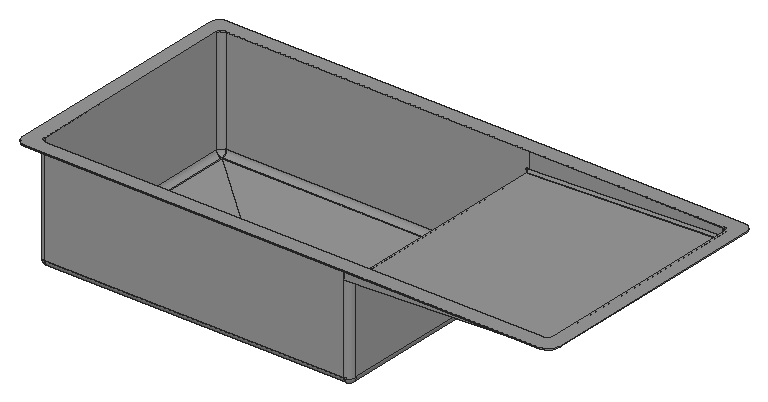
Revit family "BUILDMAT-SNGD009-Cody-950-Drainboard-Brass-Gold", category Plumbing Fixtures, host Face, Revit 2020
Family settings
  Host = Face
  Round Connector Dimension = Use Diameter
  Part Type = Normal
  Cut with Voids When Loaded = No
  Shared = No
  Room Calculation Point = No
Parameters (values of type "Cody 950x450x205mm")
  Width = 550.0 mm
  Undermount [instance] = 0.0 mm
  URL = "https://www.buildmat.com.au/products/950x450x250-single-bowl-drainboard-sink"
  Model = "SNA01009"  # constant formula
  Manufacturer URL = "https://www.buildmat.com.au/"
  Manufacturer = "BUILDMAT"  # constant formula
  Length = 400.0 mm
  Drainboard Length = 350.0 mm
  Description = "BUILDMAT - Cody 950x450 Single Bowl with Drain Board Sink"  # constant formula
  Depth = 205.0 mm
  Default Elevation = 1219.2 mm
  Created By URL = "https://www.buildmat.com.au/"
  Created By = "BUILDMAT"  # constant formula
  Created = "22.06.2022"  # constant formula
  Material = BUILDMAT Brass Gold
Reference planes
  plane 1 "Center (Front/Back)": y = 0
  plane 2: z = 0
  plane 3 "Center (Left/Right)": x = 0
  plane 4 "Left": x = -275
  plane 5 "Right": x = 275
  plane 6 "Back": y = 200
  plane 7 "Front": y = -200
  plane 8 "Drainboard": x = 625
  plane 9: x = -276.5
  plane 10: x = 626.5
  plane 11: x = -265
  plane 12: x = 265
  plane 13: x = -300
  plane 14: x = 650
  plane 15: y = 201.5
  plane 16: y = -201.5
  plane 17: y = 100
  plane 18: y = -100
  plane 19: y = 225
  plane 20: y = -225
  plane 21 "Top Substrate": z = 0
  plane 22: z = 1.5
  plane 23 "Bottom Void": z = -205
  plane 24: z = -185
  plane 25: z = -195
  plane 26 "Sound Pad": z = -85
  plane 27: z = -196.5
  plane 28: z = -200
  plane 29: z = -201.5
  plane 30: x = -175
  plane 31: x = 175
  plane 32: x = 276.5
  plane 33: x = 615
  plane 34: y = 190
  plane 35: y = -190
  plane 36: x = -45
  plane 37: x = -57
  plane 38: x = 45
  plane 39: x = 57
  plane 40: z = -30
  plane 41: z = -15
  plane 42: x = -100
  plane 43: x = 100
  plane 44: x = 525
Forms (mm)
  Extrusion 1, void
    sketch origin (0, 0, 0) x (-1, 0, 0) y (0, -1, 0)
      loop
        arc (280, -225) -> (294.142, -219.142) -> (300, -205) r 20
        line (300, -205) -> (300, 205)
        arc (300, 205) -> (294.142, 219.142) -> (280, 225) r 20
        line (280, 225) -> (-630, 225)
        arc (-630, 225) -> (-644.142, 219.142) -> (-650, 205) r 20
        line (-650, 205) -> (-650, -205)
        arc (-650, -205) -> (-644.142, -219.142) -> (-630, -225) r 20
        line (-630, -225) -> (280, -225)
    from 0 to 1.5
  Extrusion 2, void
    sketch origin (0, 0, 0) x (-1, 0, 0) y (0, -1, 0)
      loop
        arc (265, -200) -> (272.071, -197.071) -> (275, -190) r 10
        line (275, -190) -> (275, 190)
        arc (275, 190) -> (272.071, 197.071) -> (265, 200) r 10
        line (265, 200) -> (-615, 200)
        arc (-615, 200) -> (-622.071, 197.071) -> (-625, 190) r 10
        line (-625, 190) -> (-625, -190)
        arc (-625, -190) -> (-622.071, -197.071) -> (-615, -200) r 10
        line (-615, -200) -> (265, -200)
    from 1.5 to 0
  Extrusion 3, void
    sketch origin (0, 0, 0) x (-1, 0, 0) y (0, -1, 0)
      loop
        line (276.5, -201.5) -> (276.5, 201.5) -> (-626.5, 201.5) -> (-626.5, -201.5) -> (276.5, -201.5)
    from 0 to -205
  Extrusion 4, solid, material "BUILDMAT Brass Gold" <- "Material"
    sketch origin (0, 0, 0) x (-1, 0, 0) y (0, -1, 0)
      loop
        arc (265, -200) -> (272.071, -197.071) -> (275, -190) r 10
        line (275, -190) -> (275, 190)
        arc (275, 190) -> (272.071, 197.071) -> (265, 200) r 10
        line (265, 200) -> (-265, 200)
        arc (-265, 200) -> (-272.071, 197.071) -> (-275, 190) r 10
        line (-275, 190) -> (-275, -190)
        arc (-275, -190) -> (-272.071, -197.071) -> (-265, -200) r 10
        line (-265, -200) -> (265, -200)
      loop
        arc (265, -201.5) -> (273.132, -198.132) -> (276.5, -190) r 11.5
        line (276.5, -190) -> (276.5, 190)
        arc (276.5, 190) -> (273.132, 198.132) -> (265, 201.5) r 11.5
        line (265, 201.5) -> (-265, 201.5)
        arc (-265, 201.5) -> (-273.132, 198.132) -> (-276.5, 190) r 11.5
        line (-276.5, 190) -> (-276.5, -190)
        arc (-276.5, -190) -> (-273.132, -198.132) -> (-265, -201.5) r 11.5
        line (-265, -201.5) -> (265, -201.5)
    from 0 to -185
  Extrusion 5, solid, material "BUILDMAT Brass Gold" <- "Material"
    sketch origin (0, 0, 0) x (-1, 0, 0) y (0, -1, 0)
      loop
        arc (280, -225) -> (294.142, -219.142) -> (300, -205) r 20
        line (300, -205) -> (300, 205)
        arc (300, 205) -> (294.142, 219.142) -> (280, 225) r 20
        line (280, 225) -> (-630, 225)
        arc (-630, 225) -> (-644.142, 219.142) -> (-650, 205) r 20
        line (-650, 205) -> (-650, -205)
        arc (-650, -205) -> (-644.142, -219.142) -> (-630, -225) r 20
        line (-630, -225) -> (280, -225)
      loop
        arc (265, -200) -> (272.071, -197.071) -> (275, -190) r 10
        line (275, -190) -> (275, 190)
        arc (275, 190) -> (272.071, 197.071) -> (265, 200) r 10
        line (265, 200) -> (-615, 200)
        arc (-615, 200) -> (-622.071, 197.071) -> (-625, 190) r 10
        line (-625, 190) -> (-625, -190)
        arc (-625, -190) -> (-622.071, -197.071) -> (-615, -200) r 10
        line (-615, -200) -> (265, -200)
    from 0 to 1.5
  Extrusion 6, solid, material "BUILDMAT Brass Gold" <- "Material"
    sketch origin (0, 0, 0) x (1, 0, 0) y (0, 0, 1)
      loop
        line (-275, -185) -> (-276.5, -185)
        arc (-276.5, -185) -> (-273.132, -193.132) -> (-265, -196.5) r 11.5
        line (-265, -196.5) -> (-265, -195)
        arc (-265, -195) -> (-272.071, -192.071) -> (-275, -185) r 10
    from -190 to 190
  Extrusion 7, solid, material "BUILDMAT Brass Gold" <- "Material"
    sketch origin (0, 0, 0) x (1, 0, 0) y (0, 0, 1)
      loop
        arc (275, -185) -> (272.071, -192.071) -> (265, -195) r 10
        line (265, -195) -> (265, -196.5)
        arc (265, -196.5) -> (273.132, -193.132) -> (276.5, -185) r 11.5
        line (276.5, -185) -> (275, -185)
    from -190 to 190
  Extrusion 8, solid, material "BUILDMAT Brass Gold" <- "Material"
    sketch origin (0, 0, 0) x (0, 1, 0) y (0, 0, 1)
      loop
        arc (200, -185) -> (197.071, -192.071) -> (190, -195) r 10
        line (190, -195) -> (190, -196.5)
        arc (190, -196.5) -> (198.132, -193.132) -> (201.5, -185) r 11.5
        line (201.5, -185) -> (200, -185)
    from -265 to 265
  Extrusion 9, solid, material "BUILDMAT Brass Gold" <- "Material"
    sketch origin (0, 0, 0) x (0, 1, 0) y (0, 0, 1)
      loop
        line (-200, -185) -> (-201.5, -185)
        arc (-201.5, -185) -> (-198.132, -193.132) -> (-190, -196.5) r 11.5
        line (-190, -196.5) -> (-190, -195)
        arc (-190, -195) -> (-197.071, -192.071) -> (-200, -185) r 10
    from -265 to 265
  Revolve 10, solid, material "BUILDMAT Brass Gold" <- "Material"
    sketch origin (-414.842, 190, 1219.2) x (-1, 0, 0) y (0, 0, 1)
      loop
        line (-149.842, -1414.2) -> (-149.842, -1415.7)
        arc (-149.842, -1415.7) -> (-141.711, -1412.332) -> (-138.342, -1404.2) r 11.5
        line (-138.342, -1404.2) -> (-139.842, -1404.2)
        arc (-139.842, -1404.2) -> (-142.771, -1411.271) -> (-149.842, -1414.2) r 10
      axis (-149.842, -1404.2) -> (-149.842, -1415.7)
    angle from 0 to -90
  Revolve 11, solid, material "BUILDMAT Brass Gold" <- "Material"
    sketch origin (-414.842, 190, 1219.2) x (-1, 0, 0) y (0, 0, 1)
      loop
        line (-689.842, -1404.2) -> (-691.342, -1404.2)
        arc (-691.342, -1404.2) -> (-687.974, -1412.332) -> (-679.842, -1415.7) r 11.5
        line (-679.842, -1415.7) -> (-679.842, -1414.2)
        arc (-679.842, -1414.2) -> (-686.913, -1411.271) -> (-689.842, -1404.2) r 10
      axis (-679.842, -1404.2) -> (-679.842, -1415.7)
    angle from 270 to 360
  Revolve 12, solid, material "BUILDMAT Brass Gold" <- "Material"
    sketch origin (-414.842, -190, 1219.2) x (-1, 0, 0) y (0, 0, 1)
      loop
        line (-149.842, -1414.2) -> (-149.842, -1415.7)
        arc (-149.842, -1415.7) -> (-141.711, -1412.332) -> (-138.342, -1404.2) r 11.5
        line (-138.342, -1404.2) -> (-139.842, -1404.2)
        arc (-139.842, -1404.2) -> (-142.771, -1411.271) -> (-149.842, -1414.2) r 10
      axis (-149.842, -1404.2) -> (-149.842, -1415.7)
    angle from 0 to 90
  Revolve 13, solid, material "BUILDMAT Brass Gold" <- "Material"
    sketch origin (-414.842, -190, 1219.2) x (-1, 0, 0) y (0, 0, 1)
      loop
        line (-689.842, -1404.2) -> (-691.342, -1404.2)
        arc (-691.342, -1404.2) -> (-687.974, -1412.332) -> (-679.842, -1415.7) r 11.5
        line (-679.842, -1415.7) -> (-679.842, -1414.2)
        arc (-679.842, -1414.2) -> (-686.913, -1411.271) -> (-689.842, -1404.2) r 10
      axis (-679.842, -1404.2) -> (-679.842, -1415.7)
    angle from -270 to -360
  Blend 14, solid, material "BUILDMAT Brass Gold" <- "Material"
    base sketch origin (0, 0, 0) x (-1, 0, 0) y (0, -1, 0)
      loop
        circle (0, 0) r 57
    top sketch origin (0, 0, 0) x (-1, 0, 0) y (0, -1, 0)
      loop
        line (265, -190) -> (265, 190) -> (-265, 190) -> (-265, -190) -> (265, -190)
    from -201.5 to -196.5
  Extrusion 15, solid, material "BUILDMAT Brass Gold" <- "Material"
    sketch origin (0, 0, 0) x (-1, 0, 0) y (0, -1, 0)
      loop
        line (265, -190) -> (265, 190) -> (-265, 190) -> (-265, -190) -> (265, -190)
    from -196.5 to -195
  Blend 16, void
    base sketch origin (0, 0, 0) x (-1, 0, 0) y (0, -1, 0)
      loop
        circle (0, 0) r 57
    top sketch origin (0, 0, 0) x (-1, 0, 0) y (0, -1, 0)
      loop
        line (265, -190) -> (265, 190) -> (-265, 190) -> (-265, -190) -> (265, -190)
    from -200 to -195
  Extrusion 17, void
    sketch origin (0, 0, 0) x (-1, 0, 0) y (0, -1, 0)
      loop
        circle (0, 0) r 57
    from -205 to -185
  Revolve 18, solid, material "BUILDMAT Brass Gold" <- "Material"
    sketch origin (0, 0, 0) x (1, 0, 0) y (0, 0, 1)
      loop
        line (-45, -205) -> (-45, -203.5)
        spline (-45, -203.5) -> (-46.371, -203.47) -> (-47.718, -203.381) -> (-49.018, -203.234) -> (-50.25, -203.031) -> (-51.392, -202.777) -> (-52.425, -202.475) -> (-53.33, -202.131) -> (-54.093, -201.75) -> (-54.701, -201.339) -> (-55.142, -200.906) -> (-55.41, -200.457) -> (-55.5, -200)
        line (-55.5, -200) -> (-57, -200)
        spline (-57, -200) -> (-56.897, -200.653) -> (-56.591, -201.294) -> (-56.087, -201.913) -> (-55.392, -202.5) -> (-54.52, -203.044) -> (-53.485, -203.536) -> (-52.305, -203.967) -> (-51, -204.33) -> (-49.592, -204.619) -> (-48.106, -204.83) -> (-46.566, -204.957) -> (-45, -205)
      axis (0, -200) -> (0, -205)
    angle from 0 to 360
  Extrusion 19, solid, material "BUILDMAT Brass Gold" <- "Material"
    sketch origin (0, 0, 0) x (1, 0, 0) y (0, 0, 1)
      loop
        line (626.5, -15) -> (626.5, 0) -> (625, 0) -> (625, -13.561) -> (265, -28.499) -> (265, -30) -> (626.5, -15)
    from -190 to 190
  Revolve 20, solid, material "BUILDMAT Brass Gold" <- "Material"
    sketch origin (-414.842, -190, 1219.2) x (-1, 0, 0) y (0, 0, 1)
      loop
        line (-1041.342, -1219.2) -> (-1041.342, -1234.2) -> (-1029.842, -1234.677) -> (-1029.842, -1233.176) -> (-1039.842, -1232.761) -> (-1039.842, -1219.2) -> (-1041.342, -1219.2)
      axis (-1029.842, -1234.677) -> (-1029.842, -1219.2)
    angle from 0 to 90
  Revolve 21, solid, material "BUILDMAT Brass Gold" <- "Material"
    sketch origin (-414.842, 190, 1219.2) x (-1, 0, 0) y (0, 0, 1)
      loop
        line (-1041.342, -1219.2) -> (-1041.342, -1234.2) -> (-1029.842, -1234.677) -> (-1029.842, -1233.176) -> (-1039.842, -1232.761) -> (-1039.842, -1219.2) -> (-1041.342, -1219.2)
      axis (-1029.842, -1219.2) -> (-1029.842, -1234.677)
    angle from -90 to 0
  SweptBlend 22, solid, material "BUILDMAT Brass Gold" <- "Material"
    path origin (0, 0, 0) x (-1, 0, 0) y (0, -1, 0)
      loop
        line (-615, -200) -> (-265, -200)
    profile origin (615, 200, 0) x (0, -1, 0) y (0, 0, 1)
      loop
        line (-1.5, -15) -> (10, -15.419) -> (10, -13.918) -> (0, -13.554) -> (0, 0) -> (-1.5, 0) -> (-1.5, -15)
    end profile origin (265, 200, 0) x (0, -1, 0) y (0, 0, 1)
      loop
        line (10, -28.499) -> (0, -28.134) -> (0, 0) -> (-1.5, 0) -> (-1.5, -29.581) -> (10, -30) -> (10, -28.499)
  SweptBlend 23, solid, material "BUILDMAT Brass Gold" <- "Material"
    path origin (0, 0, 0) x (-1, 0, 0) y (0, -1, 0)
      loop
        line (-615, 200) -> (-265, 200)
    profile origin (615, -200, 0) x (0, -1, 0) y (0, 0, 1)
      loop
        line (-10, -15.419) -> (1.5, -15) -> (1.5, 0) -> (0, 0) -> (0, -13.554) -> (-10, -13.918) -> (-10, -15.419)
    end profile origin (265, -200, 0) x (0, -1, 0) y (0, 0, 1)
      loop
        line (-10, -30) -> (1.5, -29.581) -> (1.5, 0) -> (0, 0) -> (0, -28.134) -> (-10, -28.499) -> (-10, -30)
  SweptBlend 24, void
    path origin (0, 0, 0) x (1, 0, 0) y (0, 0, 1)
      loop
        line (265, 0) -> (615, 0)
    profile origin (265, 0, 0) x (0, 0, 1) y (0, -1, 0)
      loop
        line (0, -200) -> (0, 200) -> (-29.635, 200) -> (-30, 190) -> (-30, -190) -> (-29.635, -200) -> (0, -200)
    end profile origin (615, 0, 0) x (0, 0, 1) y (0, -1, 0)
      loop
        line (0, -200) -> (0, 200) -> (-15, 200) -> (-15, -200) -> (0, -200)
  Extrusion 25, void
    sketch origin (0, 0, 0) x (-1, 0, 0) y (0, -1, 0)
      loop
        line (-265, -200) -> (-265, 200)
        arc (-265, 200) -> (-272.071, 197.071) -> (-275, 190) r 10
        line (-275, 190) -> (-275, -190)
        arc (-275, -190) -> (-272.071, -197.071) -> (-265, -200) r 10
    from 0 to -30
Cuts and joins
  SweptBlend 24 cuts Extrusion 4
  SweptBlend 24 cuts Extrusion 5
  joined: Extrusion 4, Extrusion 5
  Blend 16, Extrusion 17 cuts Blend 14
  Blend 16 cuts Extrusion 15
  joined: Blend 14, Extrusion 15
  SweptBlend 24 cuts Revolve 20
  SweptBlend 24 cuts Revolve 21
  Extrusion 25 cuts Extrusion 19
  Extrusion 25 cuts SweptBlend 22
  Extrusion 25 cuts SweptBlend 23
Lines and regions (mm)
  Masking region 1
    outline origin (0, 0, 0) x (1, 0, 0) y (0, 0, 1)
      loop
        line (-265, -195) -> (-57, -200) -> (57, -200) -> (265, -195)
        arc (265, -195) -> (272.071, -192.071) -> (275, -185) r 10
        line (275, -185) -> (275, -28.084) -> (625, -13.561) -> (625, 0) -> (-275, 0) -> (-275, -185)
        arc (-275, -185) -> (-272.071, -192.071) -> (-265, -195) r 10
  Masking region 2
    outline origin (0, 0, 0) x (1, 0, 0) y (0, 0, 1)
      loop
        line (-100, -200.466) -> (-100, -205) -> (-57, -205) -> (-57, -201.5) -> (-100, -200.466)
  Masking region 3
    outline origin (0, 0, 0) x (1, 0, 0) y (0, 0, 1)
      loop
        line (100, -200.466) -> (57, -201.5) -> (57, -205) -> (100, -205) -> (100, -200.466)
  Masking region 4
    outline origin (0, 0, 0) x (-1, 0, 0) y (0, -1, 0)
      loop
        arc (-275, 190) -> (-272.071, 197.071) -> (-265, 200) r 10
        line (-265, 200) -> (-615, 200)
        arc (-615, 200) -> (-622.071, 197.071) -> (-625, 190) r 10
        line (-625, 190) -> (-625, -190)
        arc (-625, -190) -> (-622.071, -197.071) -> (-615, -200) r 10
        line (-615, -200) -> (-265, -200)
        arc (-265, -200) -> (-272.071, -197.071) -> (-275, -190) r 10
        line (-275, -190) -> (-275, 190)
  Masking region 5
    outline origin (0, 0, 0) x (1, 0, 0) y (0, 0, 1)
      loop
        line (276.5, -77.929) -> (327.012, -27.417) -> (282.742, -29.261) -> (276.5, -35.503) -> (276.5, -77.929)
  Masking region 6
    outline origin (0, 0, 0) x (1, 0, 0) y (0, 0, 1)
      loop
        line (639, 0) -> (637.5, 0) -> (637.5, -15) -> (639, -15) -> (639, 0)
  symbolic lines
    curve 1: line (276.5, 0, -30) -> (270.471, 0, -36.029)
Text (mm)
  text "Refer to www.buildmat.com.au for the most current product literature. \nAllow a +/- 5mm tolerance for dimensions shown in the product literature. \nPlease note product details are subject to change due to ongoing product development." at (0.056, -1035.857, 0), in view "Ref. Level"
Dimensions and locks
  equal spacing: plane 4 "Left", plane 3 "Center (Left/Right)", plane 5 "Right"
  "Width": plane 4 "Left" to plane 5 "Right"
  equal spacing: plane 6 "Back", plane 1 "Center (Front/Back)", plane 7 "Front"
  "Length": plane 6 "Back" to plane 7 "Front"
  "Drainboard Length": plane 5 "Right" to plane 8 "Drainboard"
  plane 9 to plane 4 "Left" = 1.5 mm
  plane 8 "Drainboard" to plane 10 = 1.5 mm
  locked: plane 4 "Left" to plane 11 at 10
  locked: plane 12 to plane 5 "Right" at 10
  locked: plane 13 to plane 4 "Left" at 25
  locked: plane 8 "Drainboard" to plane 14 at 25
  locked: plane 15 to plane 6 "Back" at 1.5
  locked: plane 7 "Front" to plane 16 at 1.5
  locked: plane 6 "Back" to plane 17 at 100
  locked: plane 7 "Front" to plane 18 at 100
  locked: plane 7 "Front" to plane 20 at 25
  locked: plane 19 to plane 6 "Back" at 25
  locked: plane 22 to plane 21 "Top Substrate" at 1.5
  "Depth": plane 21 "Top Substrate" to plane 23 "Bottom Void"
  "Undermount": plane 2 to plane 21 "Top Substrate"
  plane 24 to plane 25 to plane 23 "Bottom Void" = 10.0 mm, 10.0 mm
  locked: plane 26 "Sound Pad" to plane 23 "Bottom Void" at 120
  locked: plane 25 to plane 27 at 1.5
  locked: plane 28 to plane 23 "Bottom Void" at 5
  plane 28 to plane 29 = 1.5 mm
  locked: plane 30 to plane 4 "Left" at 100
  locked: plane 5 "Right" to plane 31 at 100
  locked: plane 5 "Right" to plane 32 at 1.5
  locked: plane 33 to plane 8 "Drainboard" at 10
  locked: plane 6 "Back" to plane 34 at 10
  locked: plane 35 to plane 7 "Front" at 10
  plane 37 to plane 3 "Center (Left/Right)" to plane 39 = 57.0 mm, 57.0 mm
  plane 36 to plane 3 "Center (Left/Right)" to plane 38 = 45.0 mm, 45.0 mm
  plane 21 "Top Substrate" to plane 41 to plane 40 = 15.0 mm locked, 15.0 mm locked
  locked: Extrusion 19 sketch curve to Extrusion 19 sketch curve at 1.5
  plane 43 to plane 3 "Center (Left/Right)" to plane 42 = 100.0 mm locked, 100.0 mm locked
  locked: plane 44 to plane 8 "Drainboard" at 100
  aligned and locked: plane 2 to host face
  aligned and locked: level to host face
  aligned and locked: plane 13 to Extrusion 1 sketch curve
  aligned and locked: Extrusion 1 sketch curve to plane 14
  aligned and locked: Extrusion 1 sketch curve to plane 19
  aligned and locked: plane 20 to Extrusion 1 sketch curve
  aligned and locked: plane 7 "Front" to Extrusion 2 sketch curve
  aligned and locked: plane 4 "Left" to Extrusion 2 sketch curve
  aligned and locked: Extrusion 2 sketch curve to plane 6 "Back"
  aligned and locked: Extrusion 2 sketch curve to plane 8 "Drainboard"
  aligned and locked: plane 2 to Extrusion 2
  aligned and locked: Extrusion 2 to plane 22
  aligned and locked: Extrusion 3 sketch curve to plane 9
  aligned and locked: plane 10 to Extrusion 3 sketch curve
  aligned and locked: plane 16 to Extrusion 3 sketch curve
  aligned and locked: Extrusion 3 sketch curve to plane 15
  aligned and locked: Extrusion 3 to plane 23 "Bottom Void"
  aligned and locked: plane 21 "Top Substrate" to Extrusion 3
  aligned and locked: Extrusion 4 sketch curve to plane 6 "Back"
  aligned and locked: Extrusion 4 sketch curve to plane 15
  aligned and locked: Extrusion 4 sketch curve to plane 9
  aligned and locked: Extrusion 4 sketch curve to plane 4 "Left"
  aligned and locked: Extrusion 4 sketch curve to plane 32
  aligned and locked: Extrusion 4 sketch curve to plane 5 "Right"
  aligned and locked: Extrusion 4 sketch curve to plane 7 "Front"
  aligned and locked: Extrusion 4 sketch curve to plane 16
  aligned and locked: plane 21 "Top Substrate" to Extrusion 4
  aligned and locked: Extrusion 4 to plane 24
  aligned and locked: Extrusion 5 sketch curve to plane 19
  aligned and locked: Extrusion 5 sketch curve to plane 6 "Back"
  aligned and locked: Extrusion 5 sketch curve to plane 7 "Front"
  aligned and locked: Extrusion 5 sketch curve to plane 20
  aligned and locked: Extrusion 5 sketch curve to plane 4 "Left"
  aligned and locked: Extrusion 5 sketch curve to plane 13
  aligned and locked: Extrusion 5 sketch curve to plane 14
  aligned and locked: Extrusion 5 sketch curve to plane 8 "Drainboard"
  aligned and locked: Extrusion 5 to plane 21 "Top Substrate"
  aligned and locked: plane 22 to Extrusion 5
  aligned and locked: plane 34 to Extrusion 6
  aligned and locked: Extrusion 6 to plane 35
  aligned and locked: plane 34 to Extrusion 7
  aligned and locked: Extrusion 7 to plane 35
  aligned and locked: plane 12 to Extrusion 9
  aligned and locked: Extrusion 9 to plane 11
  aligned and locked: Extrusion 8 to plane 11
  aligned and locked: plane 12 to Extrusion 8
  aligned and locked: Revolve 10 sketch curve to plane 11
  aligned and locked: Revolve 10 sketch curve to Extrusion 6  (x2)
  aligned and locked: cut or joined group of Extrusion 4, Extrusion 5, SweptBlend 24 to Revolve 10 sketch curve
  aligned and locked: Revolve 10 sketch curve to Extrusion 9
  aligned and locked: Revolve 11 sketch curve to plane 12
  aligned and locked: Revolve 11 sketch curve to Extrusion 7  (x2)
  aligned and locked: Revolve 11 sketch curve to cut or joined group of Extrusion 4, Extrusion 5, SweptBlend 24
  aligned and locked: Extrusion 9 to Revolve 11 sketch curve
  aligned and locked: Revolve 12 sketch curve to plane 11
  aligned and locked: Revolve 12 sketch curve to Extrusion 6  (x2)
  aligned and locked: cut or joined group of Extrusion 4, Extrusion 5, SweptBlend 24 to Revolve 12 sketch curve
  aligned and locked: Revolve 12 sketch curve to Extrusion 9
  aligned and locked: Revolve 13 sketch curve to plane 12
  aligned and locked: Revolve 13 sketch curve to Extrusion 7  (x2)
  aligned and locked: Revolve 13 sketch curve to cut or joined group of Extrusion 4, Extrusion 5, SweptBlend 24
  aligned and locked: Extrusion 9 to Revolve 13 sketch curve
  aligned and locked: plane 35 to Blend 14 sketch curve
  aligned and locked: Blend 14 sketch curve to plane 34
  aligned and locked: plane 11 to Blend 14 sketch curve
  aligned and locked: Blend 14 sketch curve to plane 12
  aligned and locked: Blend 14 to plane 29
  aligned and locked: Blend 14 to plane 27
  aligned and locked: plane 11 to Extrusion 15 sketch curve
  aligned and locked: Extrusion 15 sketch curve to plane 34
  aligned and locked: plane 35 to Extrusion 15 sketch curve
  aligned and locked: Extrusion 15 sketch curve to plane 12
  aligned and locked: Extrusion 15 to plane 27
  aligned and locked: Extrusion 15 to plane 25
  aligned and locked: Blend 16 sketch curve to plane 34
  aligned and locked: plane 35 to Blend 16 sketch curve
  aligned and locked: plane 11 to Blend 16 sketch curve
  aligned and locked: Blend 16 sketch curve to plane 12
  aligned and locked: plane 28 to Blend 16
  aligned and locked: Blend 16 to plane 25
  aligned and locked: Extrusion 17 to plane 23 "Bottom Void"
  aligned and locked: plane 24 to Extrusion 17
  aligned and locked: Revolve 18 sketch curve to plane 3 "Center (Left/Right)"
  aligned and locked: Extrusion 19 sketch curve to plane 10
  aligned and locked: Extrusion 19 sketch curve to plane 8 "Drainboard"
  aligned and locked: plane 21 "Top Substrate" to Extrusion 19 sketch curve
  aligned and locked: plane 12 to Extrusion 19 sketch curve
  aligned and locked: plane 40 to Extrusion 19 sketch curve
  aligned and locked: plane 41 to Extrusion 19 sketch curve
  aligned and locked: Extrusion 19 to plane 35
  aligned and locked: plane 34 to Extrusion 19
  aligned and locked: plane 33 to Revolve 20 sketch curve  (x2)
  aligned and locked: Revolve 20 sketch curve to Extrusion 19  (x3)
  aligned and locked: Extrusion 19 to Revolve 20 sketch curve
  aligned and locked: cut or joined group of Extrusion 4, Extrusion 5, SweptBlend 24 to Revolve 20 sketch curve
  aligned and locked: Revolve 21 sketch curve to plane 33
  aligned and locked: Revolve 21 sketch curve to Extrusion 19  (x3)
  aligned and locked: Extrusion 19 to Revolve 21 sketch curve
  aligned and locked: Revolve 20 to Revolve 21 sketch curve
  aligned and locked: cut or joined group of Extrusion 4, Extrusion 5, SweptBlend 24 to Revolve 21 sketch curve
  aligned and locked: plane 12 to SweptBlend 22 sketch curve
  aligned and locked: plane 33 to SweptBlend 22 sketch curve
  aligned and locked: plane 6 "Back" to SweptBlend 22 sketch curve
  aligned and locked: plane 12 to SweptBlend 23 sketch curve
  aligned and locked: plane 33 to SweptBlend 23 sketch curve
  aligned and locked: plane 7 "Front" to SweptBlend 23 sketch curve
  aligned and locked: plane 12 to SweptBlend 24 sketch curve
  aligned and locked: plane 33 to SweptBlend 24 sketch curve
  aligned and locked: SweptBlend 24 sketch curve to plane 21 "Top Substrate"  (x3)
  aligned and locked: SweptBlend 24 sketch curve to plane 6 "Back"  (x2)
  aligned and locked: plane 7 "Front" to SweptBlend 24 sketch curve  (x2)
  aligned and locked: plane 40 to SweptBlend 24 sketch curve
  aligned and locked: plane 41 to SweptBlend 24 sketch curve
  aligned and locked: SweptBlend 22 to SweptBlend 24 sketch curve
  aligned and locked: SweptBlend 24 sketch curve to SweptBlend 23
  aligned and locked: Extrusion 25 sketch curve to cut or joined group of Extrusion 4, Extrusion 5, SweptBlend 24  (x2)
  aligned and locked: Extrusion 25 sketch curve to plane 12
  aligned and locked: Extrusion 25 to plane 40
  aligned and locked: nested 1 to plane 21 "Top Substrate"
  aligned and locked: plane 30 to nested 1
  aligned and locked: nested 2 to plane 21 "Top Substrate"
  aligned and locked: plane 31 to nested 2
  aligned and locked: nested 3 to plane 26 "Sound Pad"
  aligned and locked: plane 3 "Center (Left/Right)" to nested 3
  aligned and locked: plane 30 to nested 4
  aligned and locked: nested 4 to plane 15
  aligned and locked: plane 31 to nested 5
  aligned and locked: nested 5 to plane 15
  aligned and locked: nested 6 to plane 17
  aligned and locked: nested 6 to plane 9
  aligned and locked: nested 7 to plane 18
  aligned and locked: nested 7 to plane 9
  aligned and locked: nested 8 to plane 30
  aligned and locked: plane 16 to nested 8
  aligned and locked: plane 16 to nested 9
  aligned and locked: nested 9 to plane 31
  aligned and locked: nested 13 to plane 44
  aligned and locked: plane 44 to nested 10
  aligned and locked: nested 10 to plane 15
  aligned and locked: plane 16 to nested 13
  aligned and locked: plane 18 to nested 12
  aligned and locked: plane 10 to nested 12
  aligned and locked: plane 17 to nested 11
  aligned and locked: plane 10 to nested 11
  aligned and locked: plane 11 to nested 14
  aligned and locked: plane 12 to nested 14
  aligned and locked: plane 35 to nested 14
  aligned and locked: plane 34 to nested 14
  aligned and locked: plane 3 "Center (Left/Right)" to nested 15
  aligned and locked: plane 1 "Center (Front/Back)" to nested 15
Automatic sketch dimensions
  host sketch curve to host sketch curve = 2438.4 mm  (x2)
  Extrusion 1 sketch curve to plane 10 = 3.5 mm  (x2)
  plane 9 to Extrusion 1 sketch curve = 3.5 mm  (x2)
  Extrusion 2 sketch curve to plane 33 = 0.0 mm  (x2)
  Extrusion 2 sketch curve to plane 11 = 0.0 mm
  Extrusion 2 sketch curve to plane 34 = 0.0 mm
  Extrusion 4 sketch curve to Extrusion 4 sketch curve = 0.0 mm  (x4)
  Extrusion 4 sketch curve to plane 12 = 0.0 mm  (x2)
  Extrusion 4 sketch curve to plane 11 = 0.0 mm
  Extrusion 4 sketch curve to plane 34 = 0.0 mm
  Extrusion 5 sketch curve to plane 33 = 0.0 mm
  Extrusion 5 sketch curve to plane 11 = 0.0 mm  (x2)
  Extrusion 5 sketch curve to plane 35 = 0.0 mm
  Extrusion 5 sketch curve to plane 10 = 3.5 mm  (x2)
  plane 9 to Extrusion 5 sketch curve = 3.5 mm  (x2)
  Extrusion 6 sketch curve to plane 4 "Left" = 0.0 mm
  Extrusion 6 sketch curve to plane 11 = 0.0 mm
  Extrusion 6 sketch curve to plane 27 = 0.0 mm
  Extrusion 6 sketch curve to plane 25 = 0.0 mm
  Extrusion 7 sketch curve to plane 12 = 0.0 mm
  Extrusion 7 sketch curve to plane 5 "Right" = 0.0 mm
  Extrusion 7 sketch curve to plane 24 = 0.0 mm
  plane 32 to Extrusion 7 sketch curve = 0.0 mm
  Extrusion 8 sketch curve to plane 27 = 0.0 mm
  Extrusion 8 sketch curve to plane 34 = 0.0 mm
  Extrusion 8 sketch curve to plane 6 "Back" = 0.0 mm
  Extrusion 8 sketch curve to plane 15 = 0.0 mm
  Extrusion 9 sketch curve to plane 16 = 0.0 mm
  Extrusion 9 sketch curve to plane 7 "Front" = 0.0 mm
  Extrusion 9 sketch curve to plane 35 = 0.0 mm
  Extrusion 9 sketch curve to plane 24 = 0.0 mm
  Revolve 10 sketch curve to plane 27 = 0.0 mm
  Revolve 10 sketch curve to plane 24 = 10.0 mm
  Revolve 11 sketch curve to plane 27 = 0.0 mm
  Revolve 11 sketch curve to plane 24 = 0.0 mm
  Revolve 12 sketch curve to plane 27 = 0.0 mm
  Revolve 12 sketch curve to plane 24 = 0.0 mm
  Revolve 13 sketch curve to plane 27 = 0.0 mm
  Revolve 13 sketch curve to plane 24 = 0.0 mm
  plane 1 "Center (Front/Back)" to Blend 14 sketch curve = 0.0 mm
  Blend 14 sketch curve to plane 3 "Center (Left/Right)" = 0.0 mm
  plane 1 "Center (Front/Back)" to Blend 16 sketch curve = 0.0 mm
  Blend 16 sketch curve to plane 3 "Center (Left/Right)" = 0.0 mm
  plane 1 "Center (Front/Back)" to Extrusion 17 sketch curve = 0.0 mm
  Extrusion 17 sketch curve to plane 3 "Center (Left/Right)" = 0.0 mm
  Revolve 18 sketch curve to plane 28 = 0.0 mm  (x2)
  Revolve 18 sketch curve to plane 37 = 0.0 mm
  Revolve 18 sketch curve to plane 23 "Bottom Void" = 0.0 mm  (x2)
  Revolve 18 sketch curve to plane 36 = 0.0 mm
  Revolve 18 sketch curve to plane 24 = 0.0 mm
  plane 37 to Revolve 18 sketch curve = 1.5 mm
  Revolve 18 sketch curve to Revolve 18 sketch curve = 1.5 mm
  Revolve 20 sketch curve to plane 21 "Top Substrate" = 0.0 mm
  Revolve 20 sketch curve to plane 40 = 0.0 mm
  Revolve 21 sketch curve to plane 40 = 0.0 mm
  Revolve 21 sketch curve to plane 21 "Top Substrate" = 0.0 mm
  SweptBlend 22 sketch curve to plane 21 "Top Substrate" = 15.0 mm
  SweptBlend 22 sketch curve to profile plane = 10.0 mm  (x2)
  SweptBlend 22 sketch curve to SweptBlend 22 sketch curve = 0.419 mm  (x2)
  SweptBlend 22 sketch curve to SweptBlend 22 sketch curve = 1.501 mm  (x2)
  SweptBlend 22 sketch curve to SweptBlend 22 sketch curve = 1.446 mm  (x2)
  SweptBlend 22 sketch curve to plane 21 "Top Substrate" = 0.0 mm  (x2)
  profile plane to SweptBlend 22 sketch curve = 1.5 mm  (x2)
  SweptBlend 22 sketch curve to profile plane = 0.0 mm  (x2)
  SweptBlend 22 sketch curve to plane 21 "Top Substrate" = 28.499 mm
  SweptBlend 23 sketch curve to profile plane = 0.0 mm  (x2)
  SweptBlend 23 sketch curve to plane 21 "Top Substrate" = 0.0 mm  (x2)
  profile plane to SweptBlend 23 sketch curve = 10.0 mm
  SweptBlend 23 sketch curve to plane 21 "Top Substrate" = 13.554 mm
  SweptBlend 23 sketch curve to SweptBlend 23 sketch curve = 0.365 mm  (x2)
  SweptBlend 23 sketch curve to SweptBlend 23 sketch curve = 1.501 mm
  SweptBlend 23 sketch curve to profile plane = 1.5 mm  (x2)
  SweptBlend 23 sketch curve to SweptBlend 23 sketch curve = 1.446 mm  (x2)
  SweptBlend 23 sketch curve to plane 21 "Top Substrate" = 28.134 mm
  SweptBlend 23 sketch curve to SweptBlend 23 sketch curve = 0.419 mm
  SweptBlend 23 sketch curve to SweptBlend 23 sketch curve = 10.0 mm
  Masking region 1 sketch curve to plane 11 = 0.0 mm
  Masking region 1 sketch curve to plane 25 = 0.0 mm  (x2)
  Masking region 1 sketch curve to plane 8 "Drainboard" = 0.0 mm
  plane 41 to Masking region 1 sketch curve = 1.439 mm
  plane 40 to Masking region 1 sketch curve = 1.916 mm
  Masking region 1 sketch curve to plane 12 = 0.0 mm
  Masking region 1 sketch curve to plane 28 = 0.0 mm
  Masking region 1 sketch curve to plane 39 = 0.0 mm
  Masking region 1 sketch curve to plane 37 = 0.0 mm
  Masking region 1 sketch curve to plane 4 "Left" = 0.0 mm
  Masking region 1 sketch curve to plane 5 "Right" = 0.0 mm
  Masking region 1 sketch curve to plane 21 "Top Substrate" = 0.0 mm
  Masking region 2 sketch curve to plane 42 = 0.0 mm
  Masking region 2 sketch curve to plane 29 = 0.0 mm
  Masking region 2 sketch curve to plane 27 = 3.966 mm
  Masking region 2 sketch curve to plane 23 "Bottom Void" = 0.0 mm
  Masking region 2 sketch curve to plane 37 = 0.0 mm
  Masking region 3 sketch curve to plane 43 = 0.0 mm
  Masking region 3 sketch curve to plane 29 = 0.0 mm
  Masking region 3 sketch curve to plane 27 = 3.966 mm
  Masking region 3 sketch curve to plane 23 "Bottom Void" = 0.0 mm
  Masking region 3 sketch curve to plane 39 = 0.0 mm
  Masking region 4 sketch curve to plane 5 "Right" = 0.0 mm
  Masking region 4 sketch curve to plane 6 "Back" = 0.0 mm  (x2)
  Masking region 4 sketch curve to plane 12 = 0.0 mm  (x2)
  Masking region 4 sketch curve to plane 35 = 0.0 mm  (x2)
  Masking region 4 sketch curve to plane 33 = 0.0 mm  (x2)
  plane 11 to Masking region 4 sketch curve = 530.0 mm  (x2)
  Masking region 4 sketch curve to plane 8 "Drainboard" = 0.0 mm
  plane 32 to Masking region 5 sketch curve = 0.0 mm
  plane 26 "Sound Pad" to Masking region 5 sketch curve = 7.071 mm
  plane 40 to Masking region 5 sketch curve = 0.739 mm
  plane 5 "Right" to Masking region 5 sketch curve = 7.742 mm
  plane 40 to Masking region 5 sketch curve = 2.583 mm
  Masking region 5 sketch curve to plane 40 = 5.503 mm
  Masking region 5 sketch curve to Masking region 5 sketch curve = 44.271 mm
  Masking region 6 sketch curve to plane 41 = 0.0 mm
  Masking region 6 sketch curve to plane 10 = 11.0 mm
  Masking region 6 sketch curve to Masking region 6 sketch curve = 1.5 mm
  Masking region 6 sketch curve to plane 21 "Top Substrate" = 0.0 mm
  plane 32 to curve 1 = 0.0 mm
  curve 1 to plane 40 = 0.0 mm
  curve 1 to plane 5 "Right" = 4.529 mm
  curve 1 to plane 40 = 6.029 mm
  radius of Blend 14 sketch curve = 57.0 mm
  radius of Blend 16 sketch curve = 57.0 mm
  radius of Extrusion 17 sketch curve = 57.0 mm
Nested families
  nested 1: "TMB_Front" at (-175, 0, 0) x (1, 0, 0) z (0, -1, 0), type "TMB_Front"
  nested 2: "TMB_Front" at (175, 0, 0) x (1, 0, 0) z (0, -1, 0), type "TMB_Front"
  nested 3: "SP_Front" at (0, 0, -85) x (1, 0, 0) z (0, -1, 0), type "SP_Front"
  nested 4: "TMB_Plan" at (-175, 201.5, 0), type "TMB_Plan"
  nested 5: "TMB_Plan" at (175, 201.5, 0), type "TMB_Plan"
  nested 6: "TMB_Plan" at (-276.5, 100, 0) x (0, 1, 0) z (0, 0, 1), type "TMB_Plan"
  nested 7: "TMB_Plan" at (-276.5, -100, 0) x (0, 1, 0) z (0, 0, 1), type "TMB_Plan"
  nested 8: "TMB_Plan" at (-175, -201.5, 0) x (-1, 0, 0) z (0, 0, 1), type "TMB_Plan"
  nested 9: "TMB_Plan" at (175, -201.5, 0) x (-1, 0, 0) z (0, 0, 1), type "TMB_Plan"
  nested 10: "GB_Plan" at (525, 201.5, 0), type "GB_Plan"
  nested 11: "GB_Plan" at (626.5, 100, 0) x (0, -1, 0) z (0, 0, 1), type "GB_Plan"
  nested 12: "GB_Plan" at (626.5, -100, 0) x (0, -1, 0) z (0, 0, 1), type "GB_Plan"
  nested 13: "GB_Plan" at (525, -201.5, 0) x (-1, 0, 0) z (0, 0, 1), type "GB_Plan"
  nested 14: "BOWL Plan" at (0, 0, -85), type "BOWL Plan"
    with Width 530.0 mm, Lenght 380.0 mm
  nested 15: "DRAIN" at (0, 0, 0), type "DRAIN"
Definition of nested family "TMB_Front"
  Reference planes
    plane 1 "Center (Elevation)": y = 0
    plane 2: z = 0
    plane 3 "Center (Left/Right)": x = 0
  Lines and regions (mm)
    Masking region 1, in view "Ref. Level"
      outline origin (0, 0, 0) x (1, 0, 0) y (0, 1, 0)
        loop
          line (-17.5, 0) -> (-17.5, -80) -> (17.5, -80) -> (17.5, 0) -> (-17.5, 0)
    detail lines, in view "Ref. Level"
      curve 1: line (-17.5, 0, 0) -> (-17.5, -80, 0)
      curve 2: line (-17.5, -80, 0) -> (17.5, -80, 0)
      curve 3: line (17.5, -80, 0) -> (17.5, 0, 0)
      curve 4: line (-12.5, -50, 0) -> (12.5, -50, 0)
      curve 5: line (-12.5, -75, 0) -> (-12.5, -50, 0)
      curve 6: line (12.5, -75, 0) -> (-12.5, -75, 0)
      curve 7: line (12.5, -50, 0) -> (12.5, -75, 0)
Definition of nested family "SP_Front"
  Reference planes
    plane 1 "Center (Elevation)": y = 0
    plane 2: z = 0
    plane 3 "Center (Left/Right)": x = 0
  Lines and regions (mm)
    Masking region 1, in view "Ref. Level"
      outline origin (0, 0, 0) x (1, 0, 0) y (0, 1, 0)
        loop
          arc (-50, 40) -> (-57.071, 37.071) -> (-60, 30) r 10
          line (-60, 30) -> (-60, -30)
          arc (-60, -30) -> (-57.071, -37.071) -> (-50, -40) r 10
          line (-50, -40) -> (50, -40)
          arc (50, -40) -> (57.071, -37.071) -> (60, -30) r 10
          line (60, -30) -> (60, 30)
          arc (60, 30) -> (57.071, 37.071) -> (50, 40) r 10
          line (50, 40) -> (-50, 40)
    detail lines, in view "Ref. Level"
      curve 1: line (-50, 40, 0) -> (50, 40, 0)
      curve 2: line (50, -40, 0) -> (-50, -40, 0)
      curve 3: line (60, 30, 0) -> (60, -30, 0)
      curve 4: line (-60, 30, 0) -> (-60, -30, 0)
      curve 5: arc (-50, 40, 0) -> (-57.071, 37.071, 0) -> (-60, 30, 0) r 10
      curve 6: arc (-60, -30, 0) -> (-57.071, -37.071, 0) -> (-50, -40, 0) r 10
      curve 7: arc (50, -40, 0) -> (57.071, -37.071, 0) -> (60, -30, 0) r 10
      curve 8: arc (60, 30, 0) -> (57.071, 37.071, 0) -> (50, 40, 0) r 10
  Dimensions and locks
    aligned and locked: Masking region 1 sketch curve to curve 1
    aligned and locked: Masking region 1 sketch curve to curve 4
    aligned and locked: Masking region 1 sketch curve to curve 2
    aligned and locked: Masking region 1 sketch curve to curve 3
Definition of nested family "TMB_Plan"
  Reference planes
    plane 1 "Center (Front/Back)": y = 0
    plane 2: z = 0
    plane 3 "Center (Left/Right)": x = 0
  Lines and regions (mm)
    detail lines, in view "Ref. Level"
      curve 1: line (-17.5, 0, 0) -> (17.5, 0, 0)
      curve 2: line (17.5, 0, 0) -> (17.5, 5, 0)
      curve 3: line (17.5, 5, 0) -> (12.5, 5, 0)
      curve 4: line (-17.5, 0, 0) -> (-17.5, 5, 0)
      curve 5: line (-17.5, 5, 0) -> (-12.5, 5, 0)
Definition of nested family "GB_Plan"
  Reference planes
    plane 1 "Center (Front/Back)": y = 0
    plane 2: z = 0
    plane 3 "Center (Left/Right)": x = 0
  Lines and regions (mm)
    detail lines, in view "Ref. Level"
      curve 1: line (-10, 0, 0) -> (10, 0, 0)
      curve 2: line (-10, 0, 0) -> (-10, 10, 0)
      curve 3: line (10, 0, 0) -> (10, 10, 0)
      curve 4: line (-10, 10, 0) -> (-6.464, 13.536, 0)
      curve 5: line (10, 10, 0) -> (6.464, 13.536, 0)
Definition of nested family "BOWL Plan"
  Parameters (values of type "BOWL Plan")
    Width [instance] = 600.0 mm
    Lenght [instance] = 400.0 mm
  Reference planes
    plane 1 "Center (Front/Back)": y = 0
    plane 2: z = 0
    plane 3 "Center (Left/Right)": x = 0
    plane 4 "Left": x = -300
    plane 5 "Right": x = 300
    plane 6 "Back": y = 200
    plane 7 "Front": y = -200
  Lines and regions (mm)
    Masking region 1, in view "Ref. Level"
      outline origin (0, 0, 0) x (1, 0, 0) y (0, 1, 0)
        loop
          line (-300, 200) -> (-300, -200) -> (300, -200) -> (300, 200) -> (-300, 200)
    detail lines, in view "Ref. Level"
      curve 1: line (-300, 200, 0) -> (300, -200, 0)
      curve 2: line (-300, -200, 0) -> (300, 200, 0)
  Dimensions and locks
    equal spacing: plane 6 "Back", plane 1 "Center (Front/Back)", plane 7 "Front"
    "Lenght": plane 6 "Back" to plane 7 "Front"
    equal spacing: plane 4 "Left", plane 3 "Center (Left/Right)", plane 5 "Right"
    "Width": plane 4 "Left" to plane 5 "Right"
    aligned and locked: plane 4 "Left" to Masking region 1 sketch curve
    aligned and locked: Masking region 1 sketch curve to plane 5 "Right"
    aligned and locked: plane 7 "Front" to Masking region 1 sketch curve
    aligned and locked: Masking region 1 sketch curve to plane 6 "Back"
  Automatic sketch dimensions
    curve 2 to plane 4 "Left" = 0.0 mm
    curve 1 to plane 4 "Left" = 0.0 mm
    curve 2 to plane 5 "Right" = 0.0 mm
    curve 1 to plane 5 "Right" = 0.0 mm
    curve 1 to plane 7 "Front" = 0.0 mm
    curve 2 to plane 7 "Front" = 0.0 mm
    curve 2 to plane 6 "Back" = 0.0 mm
    curve 1 to plane 6 "Back" = 0.0 mm
Definition of nested family "DRAIN"
  Reference planes
    plane 1 "Center (Front/Back)": y = 0
    plane 2: z = 0
    plane 3 "Center (Left/Right)": x = 0
  Lines and regions (mm)
    Masking region 1, in view "Ref. Level"
      outline origin (0, 0, 0) x (1, 0, 0) y (0, 1, 0)
        loop
          circle (0, 0) r 57
    detail lines, in view "Ref. Level"
      curve 1: circle (0, 0, 0) r 45 normal (0, 0, 1)
      curve 2: circle (0, 0, 0) r 55.5 normal (0, 0, 1)
